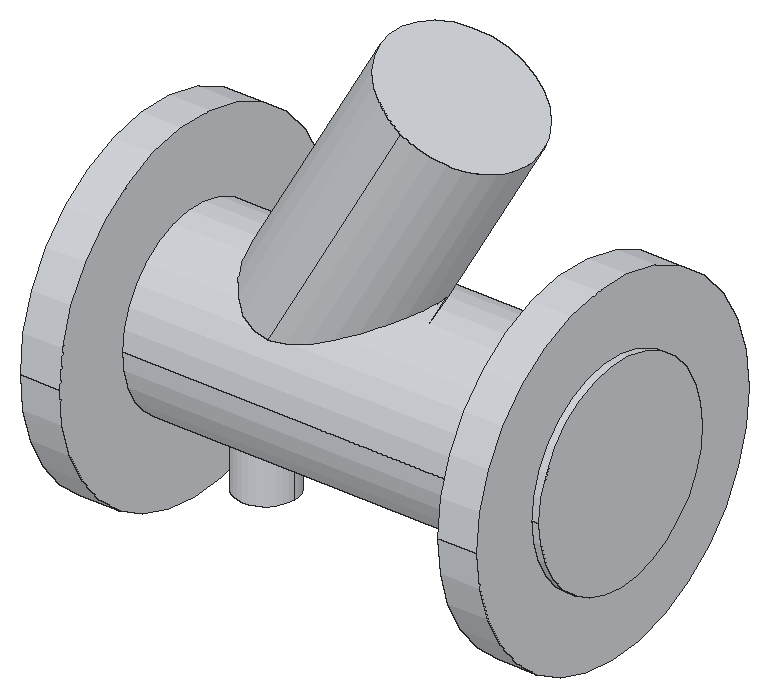
Revit family "HS 821-síto_standard-PN16-DN050-RFA_2019", category Pipe Accessories, Revit 2019
Family settings
  Round Connector Dimension = Use Diameter
  Part Type = Breaks Into
  Work Plane-Based = No
  Always vertical = Yes
  Cut with Voids When Loaded = No
  Shared = No
Parameters (values of type "821A-DN050-PN16-síto_standard")
  magiProductId = "8255d456a09e4f6486734f5dd9171b"
  magiProductFamilyId = "79214ac3aaa945e397802f559f5c1e"
  magiPartTypeId = 307
  isMeasuringValve [instance] = no
  ang2D [instance] = 0.00°
  ZB__ve = -ZB  # -26.75 mm
  ZB1 = 40.095 mm
  ZB = 26.75 mm
  X2 = 79.061 mm
  X1 = 32.2 mm
  W2D = 15 mm
  VersionID = "2.0/2017.9.26.1/ZETKAMA_821_001"
  Use Minimum Symbol Size [instance] = yes
  URL = "www.hydronix.cz"
  Type Comments = "Filtr přírubový; síto standardní; A-PN16 (-10~300°C); D-PN25 (-10~350°C); F-PN40 (-10~400°C)"
  S = 99 mm
  QmdConnectorList = "301;D;302;D"
  Productdata [instance] = ""
  Manufacturer = "Hydronix"
  MC Product Code = "200 150 (821A; DN050 PN16; kvs57,9; oko síta 1,00mm)"
  LM1 = 18.4 mm
  LM = 184 mm
  L4 = 57.5 mm
  L2D_Min = 3048 mm
  L2D = 130 mm
  L2 = 115 mm
  HH2 = 136.938 mm
  FD = 165 mm
  Description = "Filtr přírubový; síto standardní; 821A-PN16; 821D-PN25; 821F-PN40"
  DM1 = 73.8 mm
  DM = 89.1 mm
  D = 50 mm
  CC = 3.91 mm
  CAT0 = yes
  C1 = 19.09 mm
  C = 23 mm
  BD = 28.066 mm
Types (40, lengths in mm): name | magiProductId | ZB__ve | ZB1 | ZB | X2 | X1 | S | MC Product Code | LM1 | LM | L4 | L2 | HH2 | FD | DM1 | DM | D | CC | C1 | C | BD
  821A-DN015-PN16-síto_standard | "a71bcfe8b393460598b23e8ddf7dc5" | -16.25 | 18.63 | 16.25 | 46.982 | 18.2 | 46 | "200 115 (821A; DN015; PN16; kvs6,3; oko síta 1,00mm)" | 10.4 | 104 | 32.5 | 65 | 81.375 | 95 | 27.6 | 41.4 | 15 | 2.21 | 10.79 | 13 | 13.041
  821A-DN020-PN16-síto_standard | "41cd6c7a12924f4991217528336076" | -17.75 | 22.68 | 17.75 | 51.673 | 21 | 56 | "200 120 (821A; DN020; PN16; kvs11,2; oko síta 1,00mm)" | 12 | 120 | 37.5 | 75 | 89.5 | 105 | 33.6 | 50.4 | 20 | 2.55 | 12.45 | 15 | 15.876
  821A-DN025-PN16-síto_standard | "be378b463ed14c3abf4c9b3ae8cf3a" | -19.25 | 26.325 | 19.25 | 58.601 | 22.4 | 65 | "200 125 (821A; DN025; PN16; kvs14,7; oko síta 1,00mm)" | 12.8 | 128 | 40 | 80 | 101.5 | 115 | 43.2 | 58.5 | 25 | 2.72 | 13.28 | 16 | 18.427
  821A-DN032-PN16-síto_standard | "227a0d18b21540afabe8b6067d35fa" | -23 | 30.78 | 23 | 68.849 | 25.2 | 76 | "200 132 (821A; DN032; PN16; kvs23,7; oko síta 1,00mm)" | 14.4 | 144 | 45 | 90 | 119.25 | 140 | 50.4 | 68.4 | 32 | 3.06 | 14.94 | 18 | 21.546
  821A-DN040-PN16-síto_standard | "d106917c74724141a10440112d0102" | -24.5 | 34.02 | 24.5 | 75.777 | 28 | 84 | "200 140 (821A; DN040; PN16; kvs37,7; oko síta 1,00mm)" | 16 | 160 | 50 | 100 | 131.25 | 150 | 60 | 75.6 | 40 | 3.4 | 16.6 | 20 | 23.814
  821A-DN050-PN16-síto_standard | "8255d456a09e4f6486734f5dd9171b" | -26.75 | 40.095 | 26.75 | 79.061 | 32.2 | 99 | "200 150 (821A; DN050 PN16; kvs57,9; oko síta 1,00mm)" | 18.4 | 184 | 57.5 | 115 | 136.938 | 165 | 73.8 | 89.1 | 50 | 3.91 | 19.09 | 23 | 28.066
  821A-DN065-PN16-síto_standard | "235b1b3e4c0843779a4d5e3716d40a" | -29.75 | 47.79 | 29.75 | 86.927 | 40.6 | 118 | "200 165 (821A; DN065; PN16; kvs101,5; oko síta 1,25mm)" | 23.2 | 232 | 72.5 | 145 | 150.562 | 185 | 94.2 | 106.2 | 65 | 4.93 | 24.07 | 29 | 33.453
  821A-DN080-PN16-síto_standard | "a067f7c5236348ed8c820d16df7214" | -32 | 53.46 | 32 | 104.753 | 43.4 | 132 | "200 180 (821A; DN080; PN16; kvs147,4; oko síta 1,25mm)" | 24.8 | 248 | 77.5 | 155 | 181.438 | 200 | 107.4 | 118.8 | 80 | 5.27 | 25.73 | 31 | 37.422
  821A-DN100-PN16-síto_standard | "c49a648c2747461285837d643703cd" | -35 | 63.18 | 35 | 114.857 | 49 | 156 | "200 190 (821A; DN100; PN16; kvs209,6; oko síta 1,60mm)" | 28 | 280 | 87.5 | 175 | 198.937 | 220 | 131.4 | 140.4 | 100 | 5.95 | 29.05 | 35 | 44.226
  821A-DN125-PN16-síto_standard | "bf68e728a163493cbd2a663b26ebdc" | -39.5 | 74.52 | 39.5 | 131.888 | 56 | 184 | "200 191 (821A; DN125; PN16; kvs326,2; oko síta 1,60mm)" | 32 | 320 | 100 | 200 | 228.438 | 250 | 165 | 165.6 | 125 | 6.8 | 33.2 | 40 | 52.164
  821A-DN150-PN16-síto_standard | "2de770284b654863ae6bc865769dc5" | -44.75 | 85.455 | 44.75 | 155.885 | 67.2 | 211 | "200 192 (821A; DN150; PN16; kvs403; oko síta 1,60mm)" | 38.4 | 384 | 120 | 240 | 270 | 285 | 192 | 189.9 | 150 | 8.16 | 39.84 | 48 | 59.818
  821A-DN200-PN16-síto_standard | "8e5693371ab64aabb29a7f08c76e15" | -53 | 107.73 | 53 | 188.361 | 84 | 266 | "200 193 (821A; DN200; PN16; kvs707; oko síta 1,60mm)" | 48 | 480 | 150 | 300 | 326.25 | 340 | 252 | 239.4 | 200 | 10.2 | 49.8 | 60 | 75.411
  821A-DN250-PN16-síto_standard | "05e37ed948c34047acdd4c42556504" | -62.75 | 129.195 | 62.75 | 255.911 | 102.2 | 319 | "200 194 (821A; DN250; PN16; kvs1234; oko síta 1,60mm)" | 58.4 | 584 | 182.5 | 365 | 443.25 | 405 | 309.6 | 287.1 | 250 | 12.41 | 60.59 | 73 | 90.436
  821A-DN300-PN16-síto_standard | "9ad0af747269428da925480d83ce80" | -71 | 149.85 | 71 | 325.914 | 119 | 370 | "200 195 (821A; DN300; PN16; kvs1916; oko síta 1,60mm)" | 68 | 680 | 212.5 | 425 | 564.5 | 460 | 369.6 | 333 | 300 | 14.45 | 70.55 | 85 | 104.895
  821A-DN350-PN16-síto_standard | "eebc71459bb3451bb4355e7951370a" | -80 | 173.745 | 80 | 356.875 | 137.2 | 429 | "200 196 (821A; DN350; PN16; kvs2621; oko síta 1,60mm)" | 78.4 | 784 | 245 | 490 | 618.125 | 520 | 438 | 386.1 | 350 | 16.66 | 81.34 | 98 | 121.621
  821A-DN400-PN16-síto_standard | "d2f677cb196647e385b2590e7d8abe" | -89 | 194.4 | 89 | 392.237 | 154 | 480 | "200 197 (821A; DN400; PN16; kvs3460; oko síta 1,60mm)" | 88 | 880 | 275 | 550 | 679.375 | 580 | 498 | 432 | 400 | 18.7 | 91.3 | 110 | 136.08
  821D-DN015-PN25-síto_standard | "27ddcbf555414f8ca1fde329bf9087" | -16.25 | 18.63 | 16.25 | 46.982 | 18.2 | 46 | "200 215 (821D; DN015; PN25; kvs6,3; oko síta 1,00mm)" | 10.4 | 104 | 32.5 | 65 | 81.375 | 95 | 27.6 | 41.4 | 15 | 2.21 | 10.79 | 13 | 13.041
  821D-DN020-PN25-síto_standard | "270e0f14012f47189cd0235c18faee" | -17.75 | 22.68 | 17.75 | 51.673 | 21 | 56 | "200 220 (821D; DN020; PN25; kvs11,2; oko síta 1,00mm)" | 12 | 120 | 37.5 | 75 | 89.5 | 105 | 33.6 | 50.4 | 20 | 2.55 | 12.45 | 15 | 15.876
  821D-DN025-PN25-síto_standard | "b9a7fb4aa36643878c637d8e1ab992" | -19.25 | 26.325 | 19.25 | 58.601 | 22.4 | 65 | "200 225 (821D; DN025; PN25; kvs14,7; oko síta 1,00mm)" | 12.8 | 128 | 40 | 80 | 101.5 | 115 | 43.2 | 58.5 | 25 | 2.72 | 13.28 | 16 | 18.427
  821D-DN032-PN25-síto_standard | "6be9a55c4e68400f94eec7e804204c" | -23 | 30.78 | 23 | 68.849 | 25.2 | 76 | "200 232 (821D; DN032; PN25; kvs23,7; oko síta 1,00mm)" | 14.4 | 144 | 45 | 90 | 119.25 | 140 | 50.4 | 68.4 | 32 | 3.06 | 14.94 | 18 | 21.546
  821D-DN040-PN25-síto_standard | "c54511bd7f584ec2984291479612cb" | -24.5 | 34.02 | 24.5 | 75.777 | 28 | 84 | "200 240 (821D; DN040; PN25; kvs37,7; oko síta 1,00mm)" | 16 | 160 | 50 | 100 | 131.25 | 150 | 60 | 75.6 | 40 | 3.4 | 16.6 | 20 | 23.814
  821D-DN050-PN25-síto_standard | "5483b1f596b04cd39b23a14a22c90e" | -26.75 | 40.095 | 26.75 | 79.061 | 32.2 | 99 | "200 250 (821D; DN050; PN25; kvs57,9; oko síta 1,00mm)" | 18.4 | 184 | 57.5 | 115 | 136.938 | 165 | 73.8 | 89.1 | 50 | 3.91 | 19.09 | 23 | 28.066
  821D-DN065-PN25-síto_standard | "767b0f8318e94750bc7a9930ed5b30" | -29.75 | 47.79 | 29.75 | 86.927 | 40.6 | 118 | "200 265 (821D; DN065; PN25; kvs101,5; oko síta 1,25mm)" | 23.2 | 232 | 72.5 | 145 | 150.562 | 185 | 94.2 | 106.2 | 65 | 4.93 | 24.07 | 29 | 33.453
  821D-DN080-PN25-síto_standard | "e21040fa3cc2404b858198f6b73709" | -32 | 53.46 | 32 | 104.753 | 43.4 | 132 | "200 280 (821D; DN080; PN25; kvs147,4; oko síta 1,25mm)" | 24.8 | 248 | 77.5 | 155 | 181.438 | 200 | 107.4 | 118.8 | 80 | 5.27 | 25.73 | 31 | 37.422
  821D-DN100-PN25-síto_standard | "175ca87a506b40b3bc6b82f12f33cf" | -37.25 | 63.18 | 37.25 | 114.857 | 49 | 156 | "200 290 (821D; DN100; PN25; kvs209,6; oko síta 1,60mm)" | 28 | 280 | 87.5 | 175 | 198.937 | 235 | 131.4 | 140.4 | 100 | 5.95 | 29.05 | 35 | 44.226
  821D-DN125-PN25-síto_standard | "77cc98d60da24855999a22dff726b2" | -42.5 | 74.52 | 42.5 | 131.888 | 56 | 184 | "200 291 (821D; DN125; PN25; kvs326,2; oko síta 1,60mm)" | 32 | 320 | 100 | 200 | 228.438 | 270 | 165 | 165.6 | 125 | 6.8 | 33.2 | 40 | 52.164
  821D-DN150-PN25-síto_standard | "9cf8acfcd15547d68e83172d3abcbe" | -47 | 85.455 | 47 | 155.885 | 67.2 | 211 | "200 292 (821D; DN150; PN25; kvs403; oko síta 1,60mm)" | 38.4 | 384 | 120 | 240 | 270 | 300 | 192 | 189.9 | 150 | 8.16 | 39.84 | 48 | 59.818
  821D-DN200-PN25-síto_standard | "16973f3c9ea14389ba8602495a6b64" | -56 | 110.97 | 56 | 188.361 | 84 | 274 | "200 293 (821D; DN200; PN25; kvs707; oko síta 1,60mm)" | 48 | 480 | 150 | 300 | 326.25 | 360 | 252 | 246.6 | 200 | 10.2 | 49.8 | 60 | 77.679
  821F-DN015-PN40-síto_standard | "4c7eaf3c4c0340888b3e684d8a8616" | -16.25 | 18.225 | 16.25 | 46.982 | 18.2 | 45 | "240 615 (821F; DN015; PN40; kvs6,3; oko síta 1,00mm)" | 10.4 | 104 | 32.5 | 65 | 81.375 | 95 | 27.6 | 40.5 | 15 | 2.21 | 10.79 | 13 | 12.757
  821F-DN020-PN40-síto_standard | "aaac5f1ec96b44d6ba96ac2293d66d" | -17.75 | 23.49 | 17.75 | 51.673 | 21 | 58 | "240 620 (821F; DN020; PN40; kvs11,2; oko síta 1,00mm)" | 12 | 120 | 37.5 | 75 | 89.5 | 105 | 33.6 | 52.2 | 20 | 2.55 | 12.45 | 15 | 16.443
  821F-DN025-PN40-síto_standard | "504768023968471481789485b54c7e" | -19.25 | 27.54 | 19.25 | 58.601 | 22.4 | 68 | "240 625 (821F; DN025; PN40; kvs14,7; oko síta 1,00mm)" | 12.8 | 128 | 40 | 80 | 101.5 | 115 | 43.2 | 61.2 | 25 | 2.72 | 13.28 | 16 | 19.278
  821F-DN032-PN40-síto_standard | "165e7f39cf744f329bdf1c400dad12" | -23 | 31.59 | 23 | 68.849 | 25.2 | 78 | "240 632 (821F; DN032; PN40; kvs23,7; oko síta 1,00mm)" | 14.4 | 144 | 45 | 90 | 119.25 | 140 | 50.4 | 70.2 | 32 | 3.06 | 14.94 | 18 | 22.113
  821F-DN040-PN40-síto_standard | "b8903f952089408fbf3a5a632bab1f" | -24.5 | 35.64 | 24.5 | 75.777 | 28 | 88 | "240 640 (821F; DN040; PN40; kvs37,7; oko síta 1,00mm)" | 16 | 160 | 50 | 100 | 131.25 | 150 | 60 | 79.2 | 40 | 3.4 | 16.6 | 20 | 24.948
  821F-DN050-PN40-síto_standard | "c451f97266fe48da8f879cb6a2bd44" | -26.75 | 41.31 | 26.75 | 79.061 | 32.2 | 102 | "240 650 (821F; DN050; PN40; kvs57,9; oko síta 1,00mm)" | 18.4 | 184 | 57.5 | 115 | 136.938 | 165 | 73.8 | 91.8 | 50 | 3.91 | 19.09 | 23 | 28.917
  821F-DN065-PN40-síto_standard | "dc9821e3f9b34e128f6a8c6b34c198" | -29.75 | 49.41 | 29.75 | 86.927 | 40.6 | 122 | "240 665 (821F; DN065; PN40; kvs101,5; oko síta 1,25mm)" | 23.2 | 232 | 72.5 | 145 | 150.562 | 185 | 94.2 | 109.8 | 65 | 4.93 | 24.07 | 29 | 34.587
  821F-DN080-PN40-síto_standard | "689aa1e260f84cf4994f027a1d86b5" | -32 | 55.89 | 32 | 104.753 | 43.4 | 138 | "240 680 (821F; DN080; PN40; kvs147,4; oko síta 1,25mm)" | 24.8 | 248 | 77.5 | 155 | 181.438 | 200 | 107.4 | 124.2 | 80 | 5.27 | 25.73 | 31 | 39.123
  821F-DN100-PN40-síto_standard | "8a45d4e8e2ab425f8c432f21d684f3" | -37.25 | 65.61 | 37.25 | 114.857 | 49 | 162 | "240 690 (821F; DN100; PN40; kvs209,6; oko síta 1,6mm)" | 28 | 280 | 87.5 | 175 | 198.937 | 235 | 131.4 | 145.8 | 100 | 5.95 | 29.05 | 35 | 45.927
  821F-DN125-PN40-síto_standard | "cf073904c006406b8645afa67ea2fc" | -42.5 | 76.14 | 42.5 | 131.888 | 56 | 188 | "240 691 (821F; DN125; PN40; kvs326,2; oko síta 1,6mm)" | 32 | 320 | 100 | 200 | 228.438 | 270 | 165 | 169.2 | 125 | 6.8 | 33.2 | 40 | 53.298
  821F-DN150-PN40-síto_standard | "0153b9ddabe14992a630484929fdbc" | -47 | 88.29 | 47 | 155.885 | 67.2 | 218 | "240 692 (821F; DN150; PN40; kvs403; oko síta 1,6mm)" | 38.4 | 384 | 120 | 240 | 270 | 300 | 192 | 196.2 | 150 | 8.16 | 39.84 | 48 | 61.803
  821F-DN200-PN40-síto_standard | "7fb3fc01dd8d42428c203e3f8dd4d5" | -56 | 115.425 | 56 | 188.361 | 84 | 285 | "240 693 (821F; DN200; PN40; kvs707; oko síta 1,6mm)" | 48 | 480 | 150 | 300 | 326.25 | 360 | 252 | 256.5 | 200 | 10.2 | 49.8 | 60 | 80.797
Reference planes
  plane 1 "Center (Front/Back)": y = 0
  plane 2 "XYPLANE": z = 0
  plane 3 "Center (Left/Right)": x = 0
  plane 4 "109": x = -73.6
  plane 5 "108": x = 92
  plane 6 "107": x = -92
  plane 7 "105": x = 115
  plane 8 "104": x = -115
  plane 9 "103": y = 0
  plane 10 "102": z = 0
  plane 11 "101": x = -111.09
  plane 12 "100": x = 111.09
  plane 13 "11": x = -41.4
  plane 14 "10": z = 136.938
  plane 15 "9": x = 37.661
  plane 16 "5": z = -40.095
  plane 17 "4": x = -57.5
  plane 18 "1": x = 57.5
Forms (mm)
  Extrusion 1, solid, visible <- "CAT0"
    sketch origin (-92, -750, 0) x (0, 1, 0) y (0, 0, 1)
      loop
        circle (750, 0) r 44.55
    from 0 to 184 <- "LM"
  Extrusion 2, solid
    sketch origin (-115, -750, 0) x (0, 1, 0) y (0, 0, 1)
      loop
        circle (750, 0) r 49.5
    from 0 to 3.91 <- "CC"
  Extrusion 3, solid
    sketch origin (-111.09, -750, 0) x (0, 1, 0) y (0, 0, 1)
      loop
        circle (750, 0) r 82.5
    from 0 to 19.09 <- "C1"
  Extrusion 4, solid
    sketch origin (92, -750, 0) x (0, 1, 0) y (0, 0, 1)
      loop
        circle (750, 0) r 82.5
    from 0 to 19.09 <- "C1"
  Extrusion 5, solid
    sketch origin (111.09, -750, 0) x (0, 1, 0) y (0, 0, 1)
      loop
        circle (750, 0) r 49.5
    from 0 to 3.91 <- "CC"
  Sweep 6, solid, visible <- "CAT0"
    path origin (750, 0, 0) x (-1, 0, 0) y (0, 0, 1)
      loop
        line (842, 0) -> (791.4, 0) -> (712.339, 136.938)
    profile origin (-92, 0, 0) x (0, 0, -1) y (0, 1, 0)
      loop
        circle (0, 0) r 36.9
  Extrusion 7, solid, visible <- "CAT0"
    sketch origin (-750, 0, -40.095) x (1, 0, 0) y (0, 1, 0)
      loop
        circle (692.5, 0) r 14.033
    from 0 to -26.75 <- "ZB__ve"
  Extrusion 8, solid, visible <- "CAT0"
    sketch origin (-750, 0, -40.095) x (1, 0, 0) y (0, 1, 0)
      loop
        circle (807.5, 0) r 14.033
    from 0 to -26.75 <- "ZB__ve"
  Extrusion 9, solid, not visible
    sketch origin (115, -750, 0) x (0, 1, 0) y (0, 0, 1)
      loop
        circle (750, 0) r 10
    from 0 to -10
  Extrusion 10, solid, not visible
    sketch origin (-115, -750, 0) x (0, 1, 0) y (0, 0, 1)
      loop
        circle (750, 0) r 10
    from 0 to 10
Lines and regions (mm)
  reference lines, not visible
    curve 1: circle (2, 2, 0) r 1 normal (0, 0, 1)
Dimensions and locks
  plane 1 "Center (Front/Back)" to curve 1 = 2 mm
  "LM1": plane 6 "107" to plane 4 "109"
  "LM": plane 6 "107" to plane 5 "108"
  "C": plane 8 "104" to plane 6 "107"
  "L2": plane 3 "Center (Left/Right)" to plane 7 "105"
  "L2": plane 3 "Center (Left/Right)" to plane 8 "104"
  locked: plane 1 "Center (Front/Back)" to plane 9 "103"
  locked: plane 2 "XYPLANE" to plane 10 "102"
  "CC": plane 8 "104" to plane 11 "101"
  "C1": plane 5 "108" to plane 12 "100"
  "X1": plane 4 "109" to plane 13 "11"
  "HH2": plane 2 "XYPLANE" to plane 14 "10"
  "X2": plane 13 "11" to plane 15 "9"
  "ZB1": plane 2 "XYPLANE" to plane 16 "5"
  "L4": plane 8 "104" to plane 17 "4"
  "L2": plane 17 "4" to plane 18 "1"
  Sweep 6 sketch curve to Sweep 6 sketch curve = 0 mm  (x2)
  "DM": diameter of Extrusion 1 sketch curve
  "S": diameter of Extrusion 2 sketch curve
  "FD": diameter of Extrusion 3 sketch curve
  "FD": diameter of Extrusion 4 sketch curve
  "S": diameter of Extrusion 5 sketch curve
  "DM1": diameter of Sweep 6 sketch curve
  "BD": diameter of Extrusion 7 sketch curve
  "BD": diameter of Extrusion 8 sketch curve
  aligned and locked: level to plane 2 "XYPLANE"
  aligned and locked: Extrusion 1 sketch curve to plane 9 "103"
  aligned and locked: plane 10 "102" to Extrusion 1 sketch curve
  aligned and locked: Extrusion 2 sketch curve to plane 9 "103"
  aligned and locked: plane 10 "102" to Extrusion 2 sketch curve
  aligned and locked: Extrusion 3 sketch curve to plane 9 "103"
  aligned and locked: plane 10 "102" to Extrusion 3 sketch curve
  aligned and locked: Extrusion 4 sketch curve to plane 9 "103"
  aligned and locked: plane 10 "102" to Extrusion 4 sketch curve
  aligned and locked: Extrusion 5 sketch curve to plane 9 "103"
  aligned and locked: plane 10 "102" to Extrusion 5 sketch curve
  aligned and locked: Sweep 6 sketch curve to plane 9 "103"
  aligned and locked: plane 10 "102" to Sweep 6 sketch curve  (x3)
  aligned and locked: plane 6 "107" to Sweep 6 sketch curve
  aligned and locked: plane 13 "11" to Sweep 6 sketch curve
  aligned and locked: plane 14 "10" to Sweep 6 sketch curve
  aligned and locked: plane 15 "9" to Sweep 6 sketch curve
  aligned and locked: plane 9 "103" to Extrusion 7 sketch curve
  aligned and locked: plane 17 "4" to Extrusion 7 sketch curve
  aligned and locked: plane 9 "103" to Extrusion 8 sketch curve
  aligned and locked: plane 18 "1" to Extrusion 8 sketch curve
  aligned and locked: Extrusion 9 sketch curve to plane 9 "103"
  aligned and locked: plane 10 "102" to Extrusion 9 sketch curve
  aligned and locked: Extrusion 10 sketch curve to plane 9 "103"
  aligned and locked: plane 10 "102" to Extrusion 10 sketch curve
Automatic sketch dimensions
  plane 1 "Center (Front/Back)" to Extrusion 9 sketch curve = 10 mm
  plane 1 "Center (Front/Back)" to Extrusion 10 sketch curve = 10 mm
  plane 3 "Center (Left/Right)" to curve 1 = 2 mm
  radius of curve 1 = 1 mm
Connectors
  piping at (-115, 0, 0), diameter 50, driven by "D"
    settings: on Extrusion 10, index 1, connector inside diameter 609.6 mm, connector length 0 mm, flow factor 0, pipe flow 0.0 L/s, pressure drop 0.0 Pa, fitting loss kfactor 0, connector angle 0.00°, fixture units 0, engagement length 0 mm, angle of deflection 0.00°, flow configuration 0, flow direction 0, fitting loss method 0, system type 29, joint type 0, gender type 0, connector reference index 2, connector utility 0, adjustable connector no, is connector primary yes, connector description ""
  piping at (115, 0, 0), diameter 50, driven by "D"
    settings: on Extrusion 9, index 2, connector inside diameter 609.6 mm, connector length 0 mm, flow factor 0, pipe flow 0.0 L/s, pressure drop 0.0 Pa, fitting loss kfactor 0, connector angle 0.00°, fixture units 0, engagement length 0 mm, angle of deflection 0.00°, flow configuration 0, flow direction 0, fitting loss method 0, system type 29, joint type 0, gender type 0, connector reference index 1, connector utility 0, adjustable connector no, is connector primary no, connector description ""
